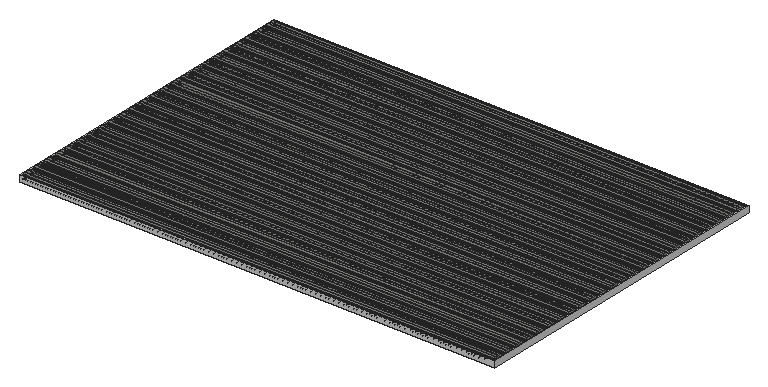
Revit family "Flooring_Entrance_Fuma_TopCleanTrend-With-Ribbed-Carpet_INT", category Allgemeines Modell, Revit 2018
Family settings
  Kann Basisbauteil für Bewehrung sein = Nein
  Bemaßung runder Anschluss = Durchmesser verwenden
  Teiletyp = Normal
  Arbeitsebenenbasiert = Nein
  Immer vertikal = Ja
  Beim Laden mit Abzugskörper schneiden = Nein
  Gemeinsam genutzt = Nein
  Raumberechnungspunkt = Nein
Parameters (values of type "Thickness 10 mm")
  Technical data link = "https://www.fuma.com/produkte/eingangsmatten/aluprofilmatten/top-clean-trend"
  Ribbed Carpet = Polypropylene - Fuma - Ribbed Carpet
  ProductInformation = "Recommended for fully covered entrance areas in commercial or residential locations particularly where there is a need to protect marble, wooden or laminate flooring. The Cassette Brush elements provide added removal of grit and stones. Made to measure, rollable and easy to clean."  # constant formula
  Product avaibility = "worldwide\r\n"  # constant formula
  Model number = "12225"
  Maximal Load = "3.000 kg"
  Manufacturer Country = "Germany"  # constant formula
  Minimum Length RFA = 300 mm  # constant formula
  Maximum Length RFA = 10000 mm  # constant formula
  Length of the carpet = 1200 mm
  Minimum Width RFA = 300 mm  # constant formula
  Maximum Width RFA = 10000 mm  # constant formula
  Width of the carpet = 800 mm
  Large Deniers = yes
  Frame Material = "aluminium or stainless steel\r\n"  # constant formula
  Thin deniers = no
  Start of brush = Adjusted repetition / 2  # 33.267 mm
  Edition number = 2
  Color = "Colours Ribbed Carpet:\n010 anthracite\n020 light-grey \n030 mottled-beige\n040 mottled-blue\nspecial colours on inquiry"  # constant formula
  Cassette Brush = Polyamide - Fuma - Cassette Brush
  Distance adjustment = (Width of the actual carpet - (Number of actual profiles * Attempted repetition)) / Number of actual profiles * 0.8  # 0.533 mm
  Attempted repetition = 2 * (Profile width + Distance between profiles 4 6 or 8mm)  # 66 mm
  URL = "https://www.fuma.com/"
  Telephone = " +49 7248 450 73 0\r\n"  # constant formula
  Type Comments = ""  # constant formula
  Depth of carpet = 2.8 mm
  Adjusted repetition = Attempted repetition + Distance adjustment  # 66.533 mm
  Number of actual profiles = rounddown(Width of the actual carpet / Attempted repetition)  # 12
  Model = "TopCleanTrendï® with Ribbed Carpet\r\n"  # constant formula
  Hersteller = "fuma Hauszubehör GmbH"  # constant formula
  Actual length = Actual carpet length - (Thickness of the frame profile + 2 mm) * 2  # 1190 mm
  Actual carpet length = if(Length of the carpet < Minimum Length RFA, Minimum Length RFA, if(Length of the carpet > Maximum Length RFA, Maximum Length RFA, Length of the carpet))  # 1200 mm
  Profile = Aluminum - Fuma - Grey
  Width of the frame profile = (Profile width + Distance between profiles 4 6 or 8mm) / 2  # 16.5 mm
  Profile width = 27 mm
  Actual width = Number of actual profiles * Adjusted repetition + 2 mm  # 800.4 mm
  Width of the actual carpet = if(Width of the carpet < Minimum Width RFA, Minimum Width RFA, if(Width of the carpet > Maximum Width RFA, Maximum Width RFA, Width of the carpet))  # 800 mm
  Frame height = 15 mm
  Thickness of the carpet = 10 mm
  Thickness of the frame profile = 3 mm  # constant formula
  E-mail = "info@fuma.com"  # constant formula
  Distance between profiles 4 6 or 8mm = 6 mm
  Distance of profile = 10.2 mm
  Description = ""  # constant formula
  Rubber = Rubber - Fuma - Black
  Address = "Reutäckerstraße 9, 76307 Karlsbad, DE"  # constant formula
Types (4, lengths in mm): name | Large Deniers | Thin deniers | Depth of carpet | Frame height | Thickness of the carpet | Distance of profile
  Thickness 10 mm | yes | no | 2.8 | 15 | 10 | 10.2
  Thickness 27 mm | no | yes | 5 | 30 | 27 | 23
  Thickness 22 mm | yes | no | 5 | 25 | 22 | 18
  Thickness 17 mm | yes | no | 3 | 20 | 17 | 13.5
Reference planes
  plane 1 "Center (Front/Back)": y = 0
  plane 2: z = 0
  plane 3 "Center (Left/Right)": x = 0
  plane 4: y = 800
  plane 5: x = 1200
Forms (mm)
  Sweep 1, solid, material "Aluminum - Fuma - Grey" <- "Profile"
    path origin (0, 0, 0) x (1, 0, 0) y (0, 1, 0)
      loop
        line (0, 800) -> (0, 0) -> (1200, 0) -> (1200, 800) -> (0, 800)
    profile origin (600, 800, 0) x (0, 1, 0) y (0, 0, 1)
      loop
        line (0, -3) -> (0, 12) -> (-3, 12) -> (-3, 0) -> (-16.5, 0) -> (-16.5, -3) -> (0, -3)
Dimensions and locks
  equal spacing: group 1, group 2, group 3, group 4, group 9, group 10, group 11, group 12, group 13, group 14, group 15, group 16  (x3)
  "Actual carpet length": plane 5 to plane 3 "Center (Left/Right)"
  "Width of the actual carpet": plane 4 to plane 1 "Center (Front/Back)"
  "Thickness of the frame profile": Sweep 1 sketch curve to Sweep 1 sketch curve  (x2)
  "Frame height": Sweep 1 sketch curve to Sweep 1 sketch curve
  "Width of the frame profile": Sweep 1 sketch curve to Sweep 1 sketch curve
  locked: plane 1 "Center (Front/Back)" to nested 1 at 4
  "Adjusted repetition": nested 1 to nested 2
  equal spacing: group 5, group 6, group 7, group 8, group 17, group 18, group 19, group 20, group 21, group 22, group 23, group 24  (x3)
  "Adjusted repetition": nested 6 to nested 5
  "Start of brush": nested 5 to nested 1
  aligned and locked: Sweep 1 sketch curve to plane 5
  aligned and locked: plane 3 "Center (Left/Right)" to Sweep 1 sketch curve
  aligned and locked: Sweep 1 sketch curve to plane 4
  aligned and locked: Sweep 1 sketch curve to plane 1 "Center (Front/Back)"
Automatic sketch dimensions
  Sweep 1 sketch curve to level = 0 mm
  Sweep 1 sketch curve to profile plane = 0 mm
Nested families
  nested 1: "Ribbed Carpet" at (4, 17.472, 0), type "Ribbed Carpet"
  nested 2: "Ribbed Carpet" at (4, 84.005, 0), type "Ribbed Carpet"
  nested 3: "Ribbed Carpet" at (4, 150.539, 0), type "Ribbed Carpet"
  nested 4: "Ribbed Carpet" at (4, 217.072, 0), type "Ribbed Carpet"
  nested 5: "Ribbed Carpet" at (4, 50.739, 0), type "Ribbed Carpet"
  nested 6: "Ribbed Carpet" at (4, 117.272, 0), type "Ribbed Carpet"
  nested 7: "Ribbed Carpet" at (4, 183.805, 0), type "Ribbed Carpet"
  nested 8: "Ribbed Carpet" at (4, 250.339, 0), type "Ribbed Carpet"
  nested 9: "Ribbed Carpet" at (4, 283.605, 0), type "Ribbed Carpet"
  nested 10: "Ribbed Carpet" at (4, 350.139, 0), type "Ribbed Carpet"
  nested 11: "Ribbed Carpet" at (4, 416.672, 0), type "Ribbed Carpet"
  nested 12: "Ribbed Carpet" at (4, 483.205, 0), type "Ribbed Carpet"
  nested 13: "Ribbed Carpet" at (4, 549.739, 0), type "Ribbed Carpet"
  nested 14: "Ribbed Carpet" at (4, 616.272, 0), type "Ribbed Carpet"
  nested 15: "Ribbed Carpet" at (4, 682.805, 0), type "Ribbed Carpet"
  nested 16: "Ribbed Carpet" at (4, 749.339, 0), type "Ribbed Carpet"
  nested 17: "Ribbed Carpet" at (4, 316.872, 0), type "Ribbed Carpet"
  nested 18: "Ribbed Carpet" at (4, 383.405, 0), type "Ribbed Carpet"
  nested 19: "Ribbed Carpet" at (4, 449.939, 0), type "Ribbed Carpet"
  nested 20: "Ribbed Carpet" at (4, 516.472, 0), type "Ribbed Carpet"
  nested 21: "Ribbed Carpet" at (4, 583.005, 0), type "Ribbed Carpet"
  nested 22: "Ribbed Carpet" at (4, 649.539, 0), type "Ribbed Carpet"
  nested 23: "Ribbed Carpet" at (4, 716.072, 0), type "Ribbed Carpet"
  nested 24: "Ribbed Carpet" at (4, 782.605, 0), type "Ribbed Carpet"
Definition of nested family "Ribbed Carpet"
  Parameters (values of type "Top Clean Profile")
    Trend 42 = Hauteur = 42 mm  # no
    Trend 27 = Hauteur = 27 mm  # no
    Trend 22 = Hauteur = 22 mm  # no
    Trend 17 = Hauteur = 17 mm  # no
    Trend 13 = Hauteur = 13 mm  # no
    Trend 10 = Hauteur = 10 mm  # yes
    URL = "https://www.geggus.fr/"
    Profondeur Tapis = 2.8 mm
    Model = "Top Clean TREND®"
    Manufacturer = "Geggus"
    Longueur = 1190 mm
    Profile = none
    Hauteur = 10 mm
    Gros deniers = yes
    Fins deniers = no
    Distance profil = 10.2 mm
    Caoutchouc = none
    Brosse = none
  Reference planes
    plane 1 "Center (Front/Back)": y = 0
    plane 2: z = 0
    plane 3 "Center (Left/Right)": x = 0
    plane 4: z = 10.2
    plane 5: z = 7.4
    plane 6: z = 7.4
    plane 7: z = 10.2
  Forms (mm)
    Extrusion 1, solid, material <- "Profile", visible <- "Trend 17"
      sketch origin (0, 0, 0) x (0, 1, 0) y (0, 0, 1)
        loop
          line (12.528, 9.5) -> (-12.472, 9.5) -> (-12.472, 6.7) -> (12.528, 6.7) -> (12.528, 9.5)
        loop
          line (12.028, 10.5) -> (-11.972, 10.5) -> (-11.972, 13.5) -> (-10.982, 13.5) -> (-10.982, 14.5) -> (-13.472, 14.5) -> (-13.472, 2) -> (-11.175, 2) -> (-11.175, 3) -> (-12.472, 3) -> (-12.472, 5.5) -> (-7.372, 5.5) -> (-7.372, 3) -> (-8.681, 3) -> (-8.681, 2) -> (-6.372, 2) -> (-6.372, 5.5) -> (6.428, 5.5) -> (6.428, 2) -> (8.737, 2) -> (8.737, 3) -> (7.428, 3) -> (7.428, 5.5) -> (12.528, 5.5) -> (12.528, 3) -> (11.231, 3) -> (11.231, 2) -> (13.528, 2) -> (13.528, 14.5) -> (11.038, 14.5) -> (11.038, 13.5) -> (12.028, 13.5) -> (12.028, 10.5)
      from 0 to 1190 <- "Longueur"
    Extrusion 2, solid, material <- "Caoutchouc"
      sketch origin (0, -9.881, 7.713) x (0, -1, 0) y (0, 0, -1)
        loop
          line (1.319, 5.713) -> (2.983, 5.713)
          arc (2.983, 5.713) -> (3.327, 5.932) -> (3.274, 6.337) r 0.38
          line (3.274, 6.337) -> (2.119, 7.713) -> (-1.881, 7.713) -> (-3.035, 6.337)
          arc (-3.035, 6.337) -> (-3.088, 5.932) -> (-2.744, 5.713) r 0.38
          line (-2.744, 5.713) -> (-1.081, 5.713) -> (-1.081, 4.76) -> (-1.866, 4.377)
          arc (-1.866, 4.377) -> (-2.114, 3.98) -> (-1.866, 3.583) r 0.442
          line (-1.866, 3.583) -> (-0.765, 3.046)
          arc (-0.765, 3.046) -> (0.119, 2.842) -> (1.004, 3.046) r 2.019
          line (1.004, 3.046) -> (2.105, 3.583)
          arc (2.105, 3.583) -> (2.353, 3.98) -> (2.105, 4.377) r 0.442
          line (2.105, 4.377) -> (1.319, 4.76) -> (1.319, 5.713)
        loop
          line (-21.081, 5.713) -> (-21.081, 4.76) -> (-21.866, 4.377)
          arc (-21.866, 4.377) -> (-22.114, 3.98) -> (-21.866, 3.583) r 0.442
          line (-21.866, 3.583) -> (-20.765, 3.046)
          arc (-20.765, 3.046) -> (-19.881, 2.842) -> (-18.996, 3.046) r 2.019
          line (-18.996, 3.046) -> (-17.895, 3.583)
          arc (-17.895, 3.583) -> (-17.647, 3.98) -> (-17.895, 4.377) r 0.442
          line (-17.895, 4.377) -> (-18.681, 4.76) -> (-18.681, 5.713) -> (-17.017, 5.713)
          arc (-17.017, 5.713) -> (-16.673, 5.932) -> (-16.726, 6.337) r 0.38
          line (-16.726, 6.337) -> (-17.881, 7.713) -> (-21.881, 7.713) -> (-23.035, 6.337)
          arc (-23.035, 6.337) -> (-23.088, 5.932) -> (-22.744, 5.713) r 0.38
          line (-22.744, 5.713) -> (-21.081, 5.713)
      from 0 to 1190 <- "Longueur"
    Extrusion 3, solid, material <- "Brosse", visible <- "Gros deniers"
      sketch origin (0, 0.264, 37.152) x (0, 1, 0) y (0, 0, 1)
        loop
          arc (11.75, -27.533) -> (11.58, -27.122) -> (11.169, -26.952) r 0.581
          line (11.169, -26.952) -> (9.75, -26.952) -> (9.992, -26.206)
          arc (9.992, -26.206) -> (7.6, -22.913) -> (5.208, -26.206) r 2.516
          line (5.208, -26.206) -> (5.45, -26.952) -> (1.89, -26.952) -> (2.132, -26.206)
          arc (2.132, -26.206) -> (-0.26, -22.913) -> (-2.652, -26.206) r 2.516
          line (-2.652, -26.206) -> (-2.41, -26.952) -> (-5.95, -26.952) -> (-5.708, -26.206)
          arc (-5.708, -26.206) -> (-8.1, -22.913) -> (-10.492, -26.206) r 2.516
          line (-10.492, -26.206) -> (-10.25, -26.952) -> (-11.607, -26.952)
          arc (-11.607, -26.952) -> (-12.062, -27.14) -> (-12.25, -27.595) r 0.643
          line (-12.25, -27.595) -> (-12.25, -29.149)
          arc (-12.25, -29.149) -> (-12.073, -29.576) -> (-11.647, -29.752) r 0.603
          line (-11.647, -29.752) -> (11.12, -29.752)
          arc (11.12, -29.752) -> (11.566, -29.568) -> (11.75, -29.122) r 0.63
          line (11.75, -29.122) -> (11.75, -27.533)
      from 0 to 1190 <- "Longueur"
    Extrusion 4, solid, material <- "Brosse", visible <- "Fins deniers"
      sketch origin (0, 0.014, 25.086) x (0, 1, 0) y (0, 0, 1)
        loop
          line (11.75, -14.886) -> (10.022, -14.886) -> (10.288, -13.376)
          arc (10.288, -13.376) -> (8.35, -10.881) -> (6.412, -13.376) r 2
          line (6.412, -13.376) -> (6.678, -14.886) -> (4.472, -14.886) -> (4.738, -13.376)
          arc (4.738, -13.376) -> (2.8, -10.881) -> (0.862, -13.376) r 2
          line (0.862, -13.376) -> (1.128, -14.886) -> (-1.128, -14.886) -> (-0.862, -13.376)
          arc (-0.862, -13.376) -> (-2.8, -10.881) -> (-4.738, -13.376) r 2
          line (-4.738, -13.376) -> (-4.472, -14.886) -> (-6.678, -14.886) -> (-6.412, -13.376)
          arc (-6.412, -13.376) -> (-8.35, -10.881) -> (-10.288, -13.376) r 2
          line (-10.288, -13.376) -> (-10.022, -14.886) -> (-11.75, -14.886) -> (-11.75, -17.686) -> (11.75, -17.686) -> (11.75, -14.886)
      from 0 to 1190 <- "Longueur"
    Extrusion 5, solid, material <- "Profile", visible <- "Trend 22"
      sketch origin (0, 0.25, 15.623) x (0, 1, 0) y (0, 0, 1)
        loop
          line (8.549, -13.623) -> (8.549, -12.67) -> (7.498, -12.67) -> (7.498, -9.628) -> (12.25, -9.628) -> (12.25, -12.67) -> (10.95, -12.67) -> (10.95, -13.623) -> (12.563, -13.623)
          arc (12.563, -13.623) -> (13.049, -13.422) -> (13.25, -12.937) r 0.687
          line (13.25, -12.937) -> (13.25, 3.375) -> (13, 2.442) -> (12.75, 3.375) -> (12.508, 2.472) -> (12.249, 3.374) -> (12, 2.504) -> (11.75, 3.375)
          arc (11.75, 3.375) -> (11.003, 2.872) -> (11.75, 2.37) r 0.542
          line (11.75, 2.37) -> (11.75, -2.619) -> (-12.25, -2.619) -> (-12.25, 2.37)
          arc (-12.25, 2.37) -> (-11.503, 2.872) -> (-12.25, 3.375) r 0.542
          line (-12.25, 3.375) -> (-12.5, 2.504) -> (-12.749, 3.374) -> (-13.008, 2.472) -> (-13.25, 3.375) -> (-13.5, 2.442) -> (-13.75, 3.375) -> (-13.75, -12.937)
          arc (-13.75, -12.937) -> (-13.549, -13.422) -> (-13.063, -13.623) r 0.687
          line (-13.063, -13.623) -> (-11.45, -13.623) -> (-11.45, -12.67) -> (-12.75, -12.67) -> (-12.75, -9.628) -> (-7.998, -9.628) -> (-7.998, -12.67) -> (-9.049, -12.67) -> (-9.049, -13.623) -> (-6.75, -13.623) -> (-6.75, -9.628) -> (6.25, -9.628) -> (6.25, -13.623) -> (8.549, -13.623)
        loop
          arc (11.684, -8.63) -> (12.084, -8.464) -> (12.25, -8.063) r 0.566
          line (12.25, -8.063) -> (12.25, -4.232)
          arc (12.25, -4.232) -> (12.074, -3.807) -> (11.65, -3.632) r 0.6
          line (11.65, -3.632) -> (-12.19, -3.632)
          arc (-12.19, -3.632) -> (-12.586, -3.796) -> (-12.75, -4.191) r 0.56
          line (-12.75, -4.191) -> (-12.75, -8.023)
          arc (-12.75, -8.023) -> (-12.572, -8.452) -> (-12.144, -8.63) r 0.606
          line (-12.144, -8.63) -> (11.684, -8.63)
      from 0 to 1190 <- "Longueur"
    Extrusion 6, solid, material <- "Profile", visible <- "Trend 27"
      sketch origin (0, -0.028, 0) x (0, 1, 0) y (0, 0, 1)
        loop
          line (11.028, 16.864) -> (-10.972, 16.864)
          arc (-10.972, 16.864) -> (-11.679, 16.571) -> (-11.972, 15.864) r 1
          line (-11.972, 15.864) -> (-11.972, 8.201)
          arc (-11.972, 8.201) -> (-11.679, 7.494) -> (-10.972, 7.201) r 1
          line (-10.972, 7.201) -> (11.028, 7.201)
          arc (11.028, 7.201) -> (11.735, 7.494) -> (12.028, 8.201) r 1
          line (12.028, 8.201) -> (12.028, 15.864)
          arc (12.028, 15.864) -> (11.735, 16.571) -> (11.028, 16.864) r 1
        loop
          line (12.028, 18.021) -> (-11.972, 18.021) -> (-11.972, 23.003) -> (-10.982, 23.003) -> (-10.982, 24.003) -> (-13.472, 24.003) -> (-13.472, 2) -> (-11.175, 2) -> (-11.175, 3) -> (-12.472, 3) -> (-12.472, 5.966) -> (-7.372, 5.966) -> (-7.372, 3) -> (-8.681, 3) -> (-8.681, 2) -> (-6.372, 2) -> (-6.372, 5.966) -> (6.428, 5.966) -> (6.428, 2) -> (8.737, 2) -> (8.737, 3) -> (7.428, 3) -> (7.428, 5.966) -> (12.528, 5.966) -> (12.528, 3) -> (11.231, 3) -> (11.231, 2) -> (13.528, 2) -> (13.528, 24.003) -> (11.038, 24.003) -> (11.038, 23.003) -> (12.028, 23.003) -> (12.028, 18.021)
      from 0 to 1190 <- "Longueur"
    Extrusion 7, solid, material <- "Profile", visible <- "Trend 10"
      sketch origin (0, 0, 8.025) x (0, 1, 0) y (0, 0, 1)
        loop
          line (8.804, -6.025) -> (8.804, -5.072) -> (7.498, -5.072) -> (7.498, -2.031) -> (12.498, -2.031) -> (12.498, -5.072) -> (11.204, -5.072) -> (11.204, -6.025) -> (12.626, -6.025)
          arc (12.626, -6.025) -> (13.263, -5.761) -> (13.527, -5.124) r 0.902
          line (13.527, -5.124) -> (13.527, 2.339)
          arc (13.527, 2.339) -> (13.624, 2.92) -> (13.25, 3.375) r 0.711
          line (13.25, 3.375) -> (13, 2.442) -> (12.75, 3.375) -> (12.508, 2.472) -> (12.249, 3.374) -> (12, 2.504) -> (11.75, 3.375)
          arc (11.75, 3.375) -> (11.003, 2.872) -> (11.75, 2.37) r 0.542
          line (11.75, 2.37) -> (11.75, -0.638) -> (-11.75, -0.638) -> (-11.75, 2.37)
          arc (-11.75, 2.37) -> (-11.003, 2.872) -> (-11.75, 3.375) r 0.542
          line (-11.75, 3.375) -> (-12, 2.504) -> (-12.249, 3.374) -> (-12.508, 2.472) -> (-12.75, 3.375) -> (-13, 2.442) -> (-13.25, 3.375)
          arc (-13.25, 3.375) -> (-13.624, 2.92) -> (-13.527, 2.339) r 0.711
          line (-13.527, 2.339) -> (-13.527, -5.124)
          arc (-13.527, -5.124) -> (-13.263, -5.761) -> (-12.626, -6.025) r 0.902
          line (-12.626, -6.025) -> (-11.204, -6.025) -> (-11.204, -5.072) -> (-12.498, -5.072) -> (-12.498, -2.031) -> (-7.498, -2.031) -> (-7.498, -5.072) -> (-8.804, -5.072) -> (-8.804, -6.025) -> (8.804, -6.025)
        loop
          line (-5.764, -5.072) -> (5.764, -5.072)
          arc (5.764, -5.072) -> (6.289, -4.855) -> (6.506, -4.329) r 0.743
          line (6.506, -4.329) -> (6.506, -2.723)
          arc (6.506, -2.723) -> (6.303, -2.233) -> (5.814, -2.031) r 0.692
          line (5.814, -2.031) -> (-5.814, -2.031)
          arc (-5.814, -2.031) -> (-6.303, -2.233) -> (-6.506, -2.723) r 0.692
          line (-6.506, -2.723) -> (-6.506, -4.329)
          arc (-6.506, -4.329) -> (-6.289, -4.855) -> (-5.764, -5.072) r 0.743
      from 0 to 1190 <- "Longueur"
  Dimensions and locks
    "Profondeur Tapis": plane 5 to plane 4
    "Distance profil": level to plane 4
    "Profondeur Tapis": plane 6 to plane 7
    "Distance profil": plane 7 to level
    aligned and locked: plane 4 to Extrusion 4 sketch curve
    aligned and locked: Extrusion 4 sketch curve to Extrusion 4 sketch curve  (x4)
    aligned and locked: plane 6 to Extrusion 3 sketch curve
    aligned and locked: plane 7 to Extrusion 3 sketch curve
    aligned and locked: Extrusion 3 sketch curve to Extrusion 3 sketch curve  (x3)
  Automatic sketch dimensions
    plane 1 "Center (Front/Back)" to Extrusion 1 sketch curve = 13.472 mm
    Extrusion 1 sketch curve to Extrusion 1 sketch curve = 1 mm  (x12)
    Extrusion 1 sketch curve to Extrusion 1 sketch curve = 0.5 mm  (x2)
    Extrusion 1 sketch curve to Extrusion 1 sketch curve = 1.297 mm
    Extrusion 1 sketch curve to Extrusion 1 sketch curve = 0.99 mm  (x2)
    Extrusion 1 sketch curve to Extrusion 1 sketch curve = 2.495 mm  (x2)
    Extrusion 1 sketch curve to Extrusion 1 sketch curve = 1.309 mm  (x2)
    level to Extrusion 1 sketch curve = 2 mm  (x4)
    Extrusion 1 sketch curve to plane 1 "Center (Front/Back)" = 6.428 mm
    Extrusion 1 sketch curve to Extrusion 1 sketch curve = 3.61 mm
    Extrusion 1 sketch curve to Extrusion 1 sketch curve = 0 mm  (x3)
    Extrusion 1 sketch curve to Extrusion 1 sketch curve = 2.5 mm
    Extrusion 1 sketch curve to Extrusion 1 sketch curve = 1.2 mm
    Extrusion 1 sketch curve to Extrusion 1 sketch curve = 2.8 mm
    Extrusion 1 sketch curve to Extrusion 1 sketch curve = 3 mm  (x2)
    Extrusion 2 sketch curve to level = 0 mm  (x2)
    level to Extrusion 2 sketch curve = 1.376 mm  (x4)
    Extrusion 2 sketch curve to plane 1 "Center (Front/Back)" = 13.155 mm
    Extrusion 2 sketch curve to Extrusion 2 sketch curve = 0.291 mm  (x4)
    Extrusion 2 sketch curve to Extrusion 2 sketch curve = 1.155 mm  (x2)
    level to Extrusion 2 sketch curve = 4.13 mm  (x3)
    Extrusion 2 sketch curve to Extrusion 2 sketch curve = 0.878 mm  (x3)
    Extrusion 2 sketch curve to Extrusion 2 sketch curve = 0.194 mm  (x7)
    Extrusion 2 sketch curve to Extrusion 2 sketch curve = 0.592 mm  (x3)
    level to Extrusion 2 sketch curve = 4.667 mm  (x3)
    Extrusion 2 sketch curve to Extrusion 2 sketch curve = 1.1 mm  (x2)
    Extrusion 2 sketch curve to Extrusion 2 sketch curve = 1.2 mm  (x4)
    level to Extrusion 2 sketch curve = 2.953 mm  (x2)
    level to Extrusion 2 sketch curve = 3.336 mm  (x4)
    Extrusion 2 sketch curve to Extrusion 2 sketch curve = 0.8 mm  (x2)
    plane 1 "Center (Front/Back)" to Extrusion 2 sketch curve = 6.845 mm
    Extrusion 2 sketch curve to Extrusion 2 sketch curve = 0 mm
    Extrusion 2 sketch curve to Extrusion 2 sketch curve = 0.785 mm
    Extrusion 2 sketch curve to Extrusion 2 sketch curve = 1.77 mm
    Extrusion 2 sketch curve to Extrusion 2 sketch curve = 1.664 mm
    Extrusion 2 sketch curve to Extrusion 2 sketch curve = 0.794 mm
    Extrusion 2 sketch curve to Extrusion 2 sketch curve = 0.397 mm  (x2)
    Extrusion 2 sketch curve to Extrusion 2 sketch curve = 0.78 mm  (x2)
    Extrusion 2 sketch curve to Extrusion 2 sketch curve = 0.101 mm  (x2)
    Extrusion 2 sketch curve to Extrusion 2 sketch curve = 0.953 mm  (x3)
    Extrusion 2 sketch curve to Extrusion 2 sketch curve = 0.624 mm
    plane 1 "Center (Front/Back)" to Extrusion 5 sketch curve = 13.5 mm
    Extrusion 5 sketch curve to Extrusion 5 sketch curve = 0.25 mm  (x2)
    Extrusion 5 sketch curve to Extrusion 5 sketch curve = 0.5 mm  (x3)
    Extrusion 5 sketch curve to Extrusion 5 sketch curve = 0.687 mm
    Extrusion 5 sketch curve to Extrusion 5 sketch curve = 0.492 mm  (x2)
    Extrusion 5 sketch curve to Extrusion 5 sketch curve = 0.258 mm
    Extrusion 5 sketch curve to Extrusion 5 sketch curve = 0.313 mm  (x2)
    Extrusion 5 sketch curve to Extrusion 5 sketch curve = 0.501 mm  (x2)
    Extrusion 5 sketch curve to Extrusion 5 sketch curve = 0.508 mm  (x2)
    Extrusion 5 sketch curve to Extrusion 5 sketch curve = 0.499 mm  (x2)
    Extrusion 5 sketch curve to Extrusion 5 sketch curve = 0.56 mm
    Extrusion 5 sketch curve to Extrusion 5 sketch curve = 0.606 mm
    Extrusion 5 sketch curve to Extrusion 5 sketch curve = 0.205 mm  (x2)
    Extrusion 5 sketch curve to Extrusion 5 sketch curve = 1.3 mm  (x2)
    Extrusion 5 sketch curve to Extrusion 5 sketch curve = 2.401 mm  (x2)
    Extrusion 5 sketch curve to Extrusion 5 sketch curve = 1.051 mm  (x2)
    Extrusion 5 sketch curve to Extrusion 5 sketch curve = 1.248 mm  (x2)
    Extrusion 5 sketch curve to plane 1 "Center (Front/Back)" = 6.5 mm
    Extrusion 5 sketch curve to plane 1 "Center (Front/Back)" = 11.795 mm
    Extrusion 5 sketch curve to Extrusion 5 sketch curve = 0.105 mm
    Extrusion 5 sketch curve to Extrusion 5 sketch curve = 0.034 mm
    Extrusion 5 sketch curve to Extrusion 5 sketch curve = 0.1 mm
    Extrusion 5 sketch curve to Extrusion 5 sketch curve = 0.6 mm
    level to Extrusion 5 sketch curve = 2 mm
    Extrusion 5 sketch curve to Extrusion 5 sketch curve = 0 mm  (x6)
    Extrusion 5 sketch curve to Extrusion 5 sketch curve = 0.953 mm  (x3)
    Extrusion 5 sketch curve to Extrusion 5 sketch curve = 0.267 mm
    Extrusion 5 sketch curve to Extrusion 5 sketch curve = 3.042 mm  (x2)
    Extrusion 5 sketch curve to Extrusion 5 sketch curve = 0.999 mm
    Extrusion 5 sketch curve to Extrusion 5 sketch curve = 3.832 mm
    Extrusion 5 sketch curve to Extrusion 5 sketch curve = 1.013 mm
    Extrusion 5 sketch curve to Extrusion 5 sketch curve = 4.989 mm  (x2)
    Extrusion 5 sketch curve to Extrusion 5 sketch curve = 0.071 mm  (x2)
    Extrusion 5 sketch curve to Extrusion 5 sketch curve = 0.03 mm  (x2)
    Extrusion 5 sketch curve to Extrusion 5 sketch curve = 0.133 mm  (x2)
    Extrusion 5 sketch curve to Extrusion 5 sketch curve = 0.502 mm  (x2)
    Extrusion 5 sketch curve to Extrusion 5 sketch curve = 0.001 mm  (x3)
    Extrusion 5 sketch curve to Extrusion 5 sketch curve = 0.933 mm
    plane 1 "Center (Front/Back)" to Extrusion 6 sketch curve = 13.5 mm
    Extrusion 6 sketch curve to Extrusion 6 sketch curve = 1 mm  (x13)
    Extrusion 6 sketch curve to Extrusion 6 sketch curve = 0.5 mm
    Extrusion 6 sketch curve to Extrusion 6 sketch curve = 0 mm  (x7)
    Extrusion 6 sketch curve to Extrusion 6 sketch curve = 1.297 mm
    Extrusion 6 sketch curve to Extrusion 6 sketch curve = 0.99 mm  (x2)
    Extrusion 6 sketch curve to Extrusion 6 sketch curve = 2.495 mm  (x2)
    Extrusion 6 sketch curve to Extrusion 6 sketch curve = 1.309 mm  (x2)
    Extrusion 6 sketch curve to Extrusion 6 sketch curve = 12.8 mm
    Extrusion 6 sketch curve to Extrusion 6 sketch curve = 3.6 mm
    Extrusion 6 sketch curve to Extrusion 6 sketch curve = 0.01 mm
    Extrusion 6 sketch curve to Extrusion 6 sketch curve = 1.5 mm
    level to Extrusion 6 sketch curve = 2 mm
    Extrusion 6 sketch curve to Extrusion 6 sketch curve = 2.966 mm
    Extrusion 6 sketch curve to Extrusion 6 sketch curve = 1.236 mm
    Extrusion 6 sketch curve to Extrusion 6 sketch curve = 7.663 mm
    Extrusion 6 sketch curve to Extrusion 6 sketch curve = 1.157 mm
    Extrusion 6 sketch curve to Extrusion 6 sketch curve = 4.982 mm  (x2)
    level to Extrusion 7 sketch curve = 2.902 mm
    plane 1 "Center (Front/Back)" to Extrusion 7 sketch curve = 13.527 mm
    Extrusion 7 sketch curve to Extrusion 7 sketch curve = 0.277 mm
    Extrusion 7 sketch curve to Extrusion 7 sketch curve = 0.527 mm
    Extrusion 7 sketch curve to Extrusion 7 sketch curve = 0.062 mm  (x2)
    Extrusion 7 sketch curve to Extrusion 7 sketch curve = 0.5 mm  (x2)
    Extrusion 7 sketch curve to Extrusion 7 sketch curve = 0.902 mm  (x2)
    Extrusion 7 sketch curve to Extrusion 7 sketch curve = 0.492 mm
    Extrusion 7 sketch curve to Extrusion 7 sketch curve = 0.128 mm  (x2)
    Extrusion 7 sketch curve to Extrusion 7 sketch curve = 0.501 mm  (x2)
    Extrusion 7 sketch curve to Extrusion 7 sketch curve = 0.508 mm  (x2)
    Extrusion 7 sketch curve to Extrusion 7 sketch curve = 0.748 mm
    Extrusion 7 sketch curve to Extrusion 7 sketch curve = 0.499 mm  (x2)
    Extrusion 7 sketch curve to Extrusion 7 sketch curve = 0.205 mm  (x3)
    Extrusion 7 sketch curve to Extrusion 7 sketch curve = 1.422 mm
    Extrusion 7 sketch curve to Extrusion 7 sketch curve = 2.4 mm  (x2)
    Extrusion 7 sketch curve to Extrusion 7 sketch curve = 1.306 mm  (x2)
    Extrusion 7 sketch curve to Extrusion 7 sketch curve = 0.992 mm  (x2)
    Extrusion 7 sketch curve to Extrusion 7 sketch curve = 0.692 mm  (x2)
    Extrusion 7 sketch curve to Extrusion 7 sketch curve = 0.743 mm  (x3)
    Extrusion 7 sketch curve to plane 1 "Center (Front/Back)" = 5.764 mm
    Extrusion 7 sketch curve to Extrusion 7 sketch curve = 0.05 mm
    Extrusion 7 sketch curve to Extrusion 7 sketch curve = 4.047 mm
    Extrusion 7 sketch curve to Extrusion 7 sketch curve = 0.25 mm
    Extrusion 7 sketch curve to Extrusion 7 sketch curve = 1.294 mm
    Extrusion 7 sketch curve to Extrusion 7 sketch curve = 0.43 mm
    level to Extrusion 7 sketch curve = 2 mm  (x2)
    Extrusion 7 sketch curve to Extrusion 7 sketch curve = 0.953 mm  (x3)
    level to Extrusion 7 sketch curve = 2.953 mm
    Extrusion 7 sketch curve to Extrusion 7 sketch curve = 1.606 mm
    Extrusion 7 sketch curve to Extrusion 7 sketch curve = 3.042 mm
    Extrusion 7 sketch curve to Extrusion 7 sketch curve = 1.393 mm
    Extrusion 7 sketch curve to Extrusion 7 sketch curve = 2.977 mm  (x2)
    Extrusion 7 sketch curve to Extrusion 7 sketch curve = 0.031 mm  (x2)
    Extrusion 7 sketch curve to Extrusion 7 sketch curve = 0.102 mm  (x2)
    Extrusion 7 sketch curve to Extrusion 7 sketch curve = 0.03 mm  (x2)
    Extrusion 7 sketch curve to Extrusion 7 sketch curve = 0.133 mm  (x2)
    Extrusion 7 sketch curve to Extrusion 7 sketch curve = 0.295 mm  (x2)
    Extrusion 7 sketch curve to Extrusion 7 sketch curve = 0.502 mm  (x2)
    Extrusion 7 sketch curve to Extrusion 7 sketch curve = 0.001 mm  (x2)
    Extrusion 7 sketch curve to Extrusion 7 sketch curve = 0 mm  (x2)
    plane 7 to Extrusion 3 sketch curve = 0.643 mm
    plane 1 "Center (Front/Back)" to Extrusion 3 sketch curve = 11.986 mm
    Extrusion 3 sketch curve to Extrusion 3 sketch curve = 0.603 mm
    Extrusion 3 sketch curve to plane 7 = 0.746 mm  (x6)
    Extrusion 3 sketch curve to Extrusion 3 sketch curve = 1.115 mm
    Extrusion 3 sketch curve to Extrusion 3 sketch curve = 0.242 mm  (x3)
    Extrusion 3 sketch curve to Extrusion 3 sketch curve = 2.392 mm  (x2)
    Extrusion 3 sketch curve to Extrusion 3 sketch curve = 2.15 mm  (x2)
    plane 1 "Center (Front/Back)" to Extrusion 3 sketch curve = 2.389 mm
    Extrusion 3 sketch curve to plane 1 "Center (Front/Back)" = 0.003 mm
    Extrusion 3 sketch curve to plane 1 "Center (Front/Back)" = 2.153 mm
    Extrusion 3 sketch curve to Extrusion 3 sketch curve = 3.075 mm
    Extrusion 3 sketch curve to Extrusion 3 sketch curve = 1.37 mm
    plane 7 to Extrusion 3 sketch curve = 0.581 mm
    Extrusion 3 sketch curve to Extrusion 3 sketch curve = 1.419 mm
    Extrusion 3 sketch curve to plane 7 = 1.524 mm  (x3)
    Extrusion 4 sketch curve to plane 5 = 0 mm
    plane 1 "Center (Front/Back)" to Extrusion 4 sketch curve = 11.736 mm
    Extrusion 4 sketch curve to plane 4 = 1.509 mm  (x6)
    Extrusion 4 sketch curve to Extrusion 4 sketch curve = 1.462 mm
    Extrusion 4 sketch curve to Extrusion 4 sketch curve = 0.266 mm  (x4)
    Extrusion 4 sketch curve to Extrusion 4 sketch curve = 1.938 mm  (x4)
    Extrusion 4 sketch curve to Extrusion 4 sketch curve = 1.672 mm  (x3)
    Extrusion 4 sketch curve to Extrusion 4 sketch curve = 1.674 mm  (x2)
    plane 1 "Center (Front/Back)" to Extrusion 4 sketch curve = 1.115 mm
    plane 1 "Center (Front/Back)" to Extrusion 4 sketch curve = 0.849 mm
    Extrusion 4 sketch curve to plane 1 "Center (Front/Back)" = 0.876 mm
    Extrusion 4 sketch curve to plane 1 "Center (Front/Back)" = 1.142 mm
    Extrusion 4 sketch curve to Extrusion 4 sketch curve = 1.728 mm
    Extrusion 4 sketch curve to Extrusion 4 sketch curve = 0.495 mm  (x4)
